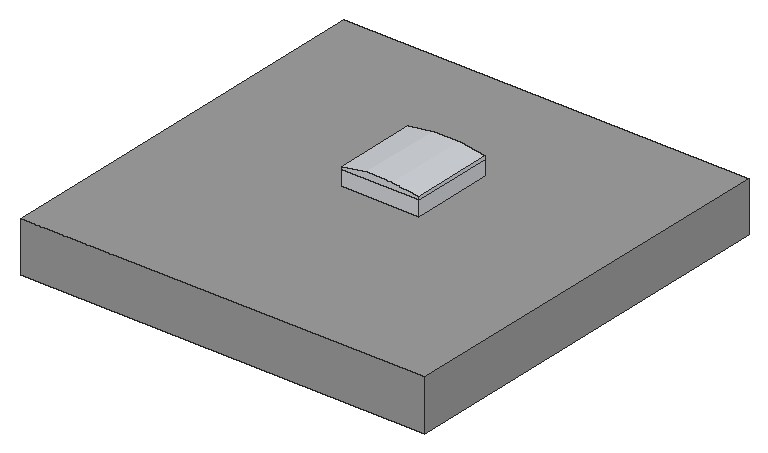
Revit family "ElectricalEquipment_Hager_TPNLighting&Power_HagerTPNExtBox(withdoor)", category Electrical Equipment, host Face, Revit 2015
Parameters (values of type "TPN JK1 Ext Box Dinrail Side (04W)")
  Type Comments = "Mounted on LHS or RHS of DB or free standing"
  Type = "ElectricalFixture"
  Supply Phase = "1"
  Shape = "Rectangular"
  Product Group = "TPN"
  Product Family = "TPN JK1 Ext Box Dinrail Side (04W)"
  Packaging Weight = 0.50 kg
  Packaging Recyclable = yes
  Overall Width = 465 mm
  Warranty ID = "24 Months"
  Voltage = "230"
  Ui Rating = 690 V
  URL = "www.hager.co.uk"
  built-in parameter 1140080 [instance] = "10kA Conditional"
  Revision = 2
  Product Weight = 8.80 kg
  Product Range = "Invicta 3 TPN JK1 Dinrail 2 Row (4W)"
  Product Literature = "www.hager.co.uk/?artnr=JK104BDFG"
  Product Description = "Invicta 3 TPN JK1 Dinrail 2 Row (4W) Glazed Door"
  Pollution Degree = 2
  Panel Name [instance] = "Invicta 3 JK1 Dinrail Enclosure"
  Number of Poles = 2
  Neutral Rating = 100.00%
  built-in parameter 1140081 [instance] = "Surface Wall Mounted"
  Modules = 32
  Model = "JK104BDFG"
  built-in parameter 1140079 [instance] = 32
  Manufacturer Website = "www.hager.co.uk"
  Manufacturer Country = "United Kingdom"
  Manufacturer = "Hager UK Ltd"
  Mains Type = "1 phase"
  built-in parameter 1140082 [instance] = 100 (stored number, unit not read)
  built-in parameter 1140140 = 63 (stored number, unit not read)
  Location of Manufacturer = "Telford, TF1 7FT"
  Location = "Indoors"
  Keynote = ""
  Enclosure Rating = "IP3X"
  Overall Length [instance] = 503 mm
  Hager Catalogue Ref = Model  # "JK104BDFG"
  Frequency = 50 Hz
  built-in parameter 1140083 [instance] = "Steel Epoxy Polyester Powdercoated"
  EAN = "5015652257974"
  Door Type = "Single Glazed Door"
  Door = 46 mm
  built-in parameter 1140064 [instance] = (empty or 0)
  Design Country = "China"
  Description = Product Description  # "Invicta 3 TPN JK1 Dinrail 2 Row (4W) Glazed Door"
  Overall Height = 133 mm
  Default Elevation = 1200 mm
  Colour = "BS4800:2011 00A01 Oyster Grey"
  CE Approval = yes
  Busbar Rating = 100 A
  Reference Standard = "BS EN 62208"
Reference planes
  plane 1 "Center (Front/Back)": y = 470.263
  plane 2: z = 0
  plane 3 "Center (Left/Right)": x = 0
  plane 4: y = -32.737
  plane 5: x = -232.5
  plane 6: x = 232.5
  plane 7: z = 133
  plane 8: z = 87
  plane 9: z = -829
Forms (mm)
  Extrusion 1, solid, material "Default"
    sketch origin (0, 0, 0) x (1, 0, 0) y (0, 1, 0)
      loop
        line (-1219.2, 1219.2) -> (-1219.2, -1219.2) -> (1219.2, -1219.2) -> (1219.2, 1219.2) -> (-1219.2, 1219.2)
    from 0 to -304.8
  Extrusion 2, solid, detail levels fine
    sketch origin (0, 470.263, 0) x (1, 0, 0) y (0, 0, 1)
      loop
        line (232.5, 87) -> (-232.5, 87) -> (-232.5, 0) -> (232.5, 0) -> (232.5, 87)
    from 503 to 0
  Extrusion 3, solid, detail levels fine
    sketch origin (0, 470.263, 0) x (1, 0, 0) y (0, 0, 1)
      loop
        line (-232.5, 103.626) -> (-232.5, 87) -> (232.5, 87) -> (232.5, 104.487)
        arc (232.5, 104.487) -> (-0.053, 132.604) -> (-232.5, 103.626) r 961.054
    from 0 to 503
Dimensions and locks
  equal spacing: plane 5, plane 3 "Center (Left/Right)", plane 6
  "Overall Width": plane 5 to plane 6
  "Overall Length": plane 4 to plane 1 "Center (Front/Back)"
  "Overall Height": Extrusion 1 to plane 7
  "Door": plane 8 to plane 7
  locked: plane 7 to plane 9 at 962
  aligned and locked: plane 2 to Extrusion 1
  aligned and locked: level to Extrusion 1
  aligned and locked: Extrusion 2 sketch curve to plane 8
  aligned and locked: Extrusion 2 sketch curve to plane 5
  aligned and locked: Extrusion 2 sketch curve to level
  aligned and locked: plane 6 to Extrusion 2 sketch curve
  aligned and locked: Extrusion 2 to plane 4
  aligned and locked: Extrusion 2 to plane 1 "Center (Front/Back)"
  aligned and locked: plane 6 to Extrusion 3
  aligned and locked: Extrusion 3 to plane 5
  aligned and locked: Extrusion 3 to plane 8
  aligned and locked: Extrusion 3 to Extrusion 2
  aligned and locked: Extrusion 2 to Extrusion 3
  aligned and locked: plane 2 to nested 1
  aligned and locked: plane 5 to nested 1
  aligned and locked: plane 6 to nested 1
  aligned and locked: nested 1 to plane 7
Automatic sketch dimensions
  Extrusion 1 sketch curve to Extrusion 1 sketch curve = 2438.4 mm  (x2)
  Extrusion 3 sketch curve to plane 6 = 0 mm
  Extrusion 3 sketch curve to plane 8 = 0 mm
  Extrusion 3 sketch curve to plane 5 = 0 mm
  plane 3 "Center (Left/Right)" to Extrusion 3 sketch curve = 1.727 mm
  plane 9 to Extrusion 3 sketch curve = 0.552 mm
  plane 8 to Extrusion 3 sketch curve = 17.487 mm
Nested families
  nested 1: "Distribution Board Annotation" at (-232.5, 470.263, 133) x (1, 0, 0) z (0, -1, 0), type "Distribution Board Annotation", detail levels coarse+medium
    with Width 133 mm, Length 465 mm
Connectors
  electrical at (0, -32.737, 43.5)
    settings: on Extrusion 2, index 1, voltage 0 V, apparent load 0 VA, apparent load phase1 0 VA, apparent load phase2 0 VA, apparent load phase3 0 VA, power factor 1, load classification "Other", number of poles 1, system type 31, power factor state 1, is connector primary yes, connector utility no, sub classification motor no, connector description ""
  cabletrayconduit at (0, -32.737, 43.5), diameter 600
    settings: on Extrusion 2, index 2, connector width 300 mm, connector height 300 mm, connector angle 0.00°, system type 32, placement type 0, profile type 0, connector reference index -1, is primary connector yes, connector utility param no, connector description ""
  cabletrayconduit at (0, 470.263, 43.5), diameter 600
    settings: on Extrusion 2, index 3, connector width 300 mm, connector height 300 mm, connector angle 0.00°, system type 32, placement type 0, profile type 0, connector reference index -1, is primary connector no, connector utility param no, connector description ""
Definition of nested family "Distribution Board Annotation"
  Parameters
    Width [instance] = 609.6 mm
    Length [instance] = 1219.2 mm
    Assembly Code = ""
  Reference planes
    plane 1 "Centre (Front/Back)": y = 0
    plane 2: z = 0
    plane 3 "Centre (Left/Right)": x = 0
    plane 4: y = -609.6
    plane 5: x = 1219.2
  Lines and regions (mm)
    Filled region 1, type "Solid Fill - Black", in view "Ref. Level"
      outline origin (0, 0, 0) x (1, 0, 0) y (0, 1, 0)
        loop
          line (0, 0) -> (1219.2, -609.6) -> (1219.2, 0) -> (0, 0)
    detail lines, in view "Ref. Level"
      curve 1: line (0, -609.6, 0) -> (1219.2, -609.6, 0)
      curve 2: line (1219.2, -609.6, 0) -> (1219.2, 0, 0)
      curve 3: line (0, -609.6, 0) -> (0, 0, 0)
      curve 4: line (0, 0, 0) -> (1219.2, 0, 0)
      curve 5: line (0, 0, 0) -> (1219.2, -609.6, 0)
  Dimensions and locks
    "Width": plane 4 to plane 1 "Centre (Front/Back)"
    "Length": plane 3 "Centre (Left/Right)" to plane 5
    aligned and locked: plane 3 "Centre (Left/Right)" to curve 1
    aligned and locked: curve 1 to plane 4
    aligned and locked: plane 5 to curve 2
    aligned and locked: plane 1 "Centre (Front/Back)" to curve 4
    aligned and locked: Filled region 1 sketch curve to curve 4
    aligned and locked: Filled region 1 sketch curve to curve 5
    aligned and locked: Filled region 1 sketch curve to curve 2
